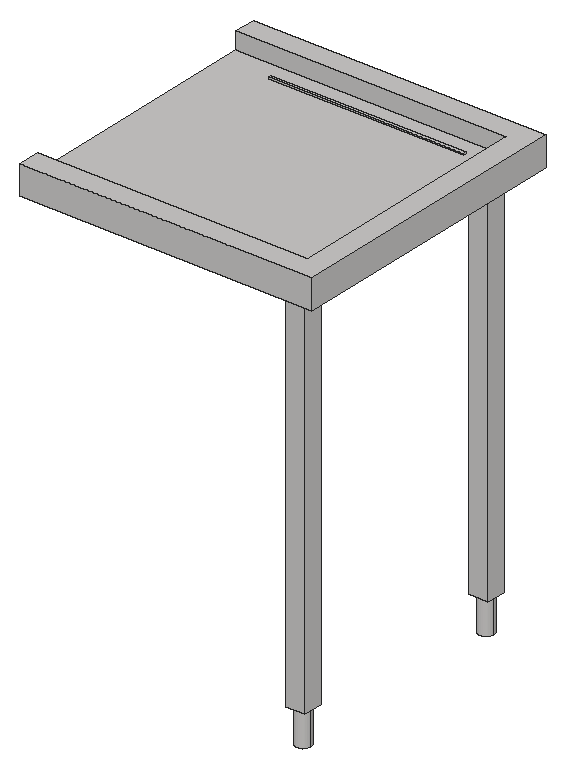
Revit family "QF_ZANUSSI_865302_BHHLU06", category Attrezzature speciali, Revit 2020
Family settings
  Quota connettore circolare = Usa diametro
  Tipo di parte = Normale
  Basato su piano di lavoro = No
  Sempre verticale = Sì
  Taglio con vuoti quando caricato = No
  Condiviso = No
  Punto di calcolo locali = No
Parameters (values of type "Standard")
  Weight = 6.00 kg
  Watts = 0 W
  Volts = 0 V
  URL Manufacturer = "http://www.zanussiprofessional.com"
  URL = "http://www.zanussiprofessional.com"
  Steam Supply Size = 0 mm
  Steam Supply Minimum Pressure = 0.0 Pa
  Steam Supply Maximum Pressure = 0.0 Pa
  Steam Consumption per Hour = 0
  Refrigeration Suction Line Size = 0 mm
  Refrigeration Liquid Line Size = 0 mm
  Refrigerant Compressor Remote = yes
  Prospetto di default = 0 mm
  Produttore = "Zanussi"
  Phase = 0
  Modello = "BHHLU06"
  Length Actual = 600 mm  # constant formula
  Item Number = "865302"
  Hot Water Size = 0 mm
  Height Actual = 910 mm  # constant formula
  HP = "0 HP"
  Gas Size = 0 mm
  Gas KW = 0
  Gas Input Pressure = 0 W
  Direct Waste Size = 0 mm
  Descrizione = "DW TABLE UNLOADING&LOAD. 600MM-HOOD TYPE"
  Depth Actual = 600 mm  # constant formula
  Cycle = 0 Hz
  Condensate Return Size = 0 mm
  Compressed Air Volume = 0.0 L/s
  Compressed Air Size = 0 mm
  Compressed Air Pressure = 0.0 Pa
  Cold Water Size = 0 mm
  Accessory = yes
Reference planes
  plane 1 "Back": y = 0
  plane 2: z = 0
  plane 3 "Left": x = 0
Forms (mm)
  Extrusion 1, solid, material "QF_Finishes_Stainless Steel"
    sketch origin (0, 0, 704.604) x (1, 0, 0) y (0, 1, 0)
      loop
        line (0, 0) -> (0, -600) -> (600, -600) -> (600, 0) -> (0, 0)
    from 145.396 to 205.396
  Extrusion 2, void
    sketch origin (-200, 0, 0.958) x (1, 0, 0) y (0, 1, 0)
      loop
        line (200, -45) -> (200, -555) -> (755, -555) -> (755, -45) -> (200, -45)
    from 874.042 to 909.042
  Extrusion 3, solid, material "QF_Finishes_Stainless Steel"
    sketch origin (-180, 0, 150) x (1, 0, 0) y (0, 1, 0)
      loop
        line (730, -45) -> (690, -45) -> (690, -85) -> (730, -85) -> (730, -45)
    from -80 to 700
  Extrusion 4, solid, material "QF_Finishes_Stainless Steel"
    sketch origin (-180, -470, 129.575) x (1, 0, 0) y (0, 1, 0)
      loop
        line (730, -45) -> (690, -45) -> (690, -85) -> (730, -85) -> (730, -45)
    from -59.575 to 720.425
  Extrusion 5, solid, material "QF_Finishes_Stainless Steel"
    sketch origin (-180, 0, 0) x (1, 0, 0) y (0, 1, 0)
      loop
        circle (710, -65) r 16
    from 0 to 70
  Extrusion 6, solid, material "QF_Finishes_Stainless Steel"
    sketch origin (-180, -470, 0) x (1, 0, 0) y (0, 1, 0)
      loop
        circle (710, -65) r 16
    from 0 to 70
  Extrusion 7, solid, material "QF_Finishes_Stainless Steel"
    sketch origin (-47.046, 0, 0) x (1, 0, 0) y (0, 1, 0)
      loop
        line (147.046, -80.302) -> (147.046, -85.302) -> (547.046, -85.302) -> (547.046, -80.302) -> (147.046, -80.302)
    from 875 to 878
  Extrusion 8, solid, material "QF_Finishes_Stainless Steel"
    sketch origin (-47.046, -600, 0) x (1, 0, 0) y (0, 1, 0)
      loop
        line (147.046, 80.302) -> (547.046, 80.302) -> (547.046, 85.302) -> (147.046, 85.302) -> (147.046, 80.302)
    from 875 to 878
Cuts and joins
  Extrusion 2 cuts Extrusion 1
Dimensions and locks
  Extrusion 1 to Extrusion 1 = 60 mm
  equal spacing: Extrusion 1, Extrusion 2 sketch curve, Extrusion 2 sketch curve, Extrusion 1
  equal spacing: Extrusion 1, Extrusion 2 sketch curve, Extrusion 1
  Extrusion 2 to Extrusion 2 = 35 mm
  Extrusion 2 to level = 910 mm
  Extrusion 2 to Extrusion 1 = 600 mm
  Extrusion 1 to Extrusion 1 = 600 mm
  aligned and locked: level to plane 2
